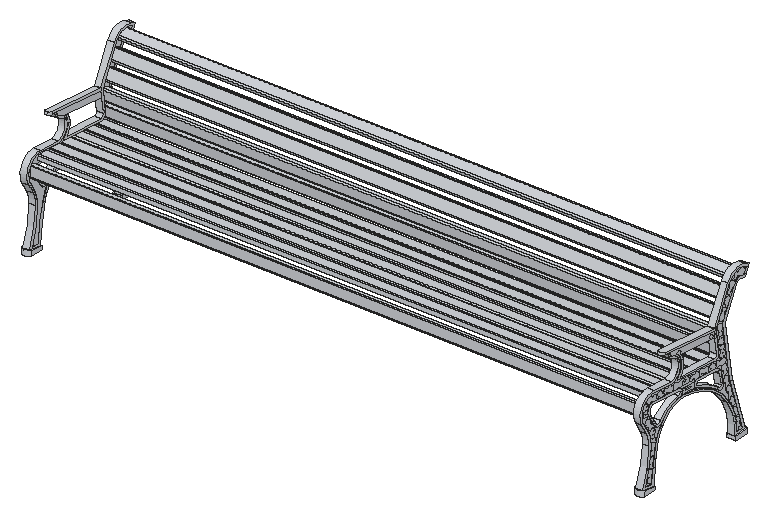
Revit family "Скамейка алюминиевая «Ретро стиль» с подогревом", category Мебель, Revit 2017 (continued)
Definition of nested family "Опора"
  Forms (mm)
    Extrusion 7, solid, material <- "Материал"
      sketch origin (0, 0, 0) x (0, 1, 0) y (0, 0, 1)
        loop
          spline (138.512, 133.302) -> (139.062, 133.212) -> (139.584, 132.901) -> (140.01, 132.409) -> (140.286, 131.797) -> (140.379, 131.144) -> (140.275, 130.532) -> (139.989, 130.039) -> (139.556, 129.727) -> (139.031, 129.636) -> (138.481, 129.778) -> (137.976, 130.134) -> (137.579, 130.659)
          spline (137.579, 130.659) -> (137.106, 131.72) -> (136.816, 132.838) -> (136.722, 133.965) -> (136.827, 135.051) -> (137.128, 136.048) -> (137.611, 136.912) -> (138.255, 137.606) -> (139.031, 138.097) -> (139.905, 138.366) -> (140.838, 138.399) -> (141.79, 138.196) -> (142.719, 137.765)
          spline (142.719, 137.765) -> (142.624, 137.092) -> (142.623, 136.392) -> (142.716, 135.681) -> (142.901, 134.978) -> (143.172, 134.3) -> (143.524, 133.663) -> (143.948, 133.084) -> (144.432, 132.576) -> (144.966, 132.153) -> (145.536, 131.824) -> (146.127, 131.598) -> (146.726, 131.48)
          spline (146.726, 131.48) -> (147.045, 131.433) -> (147.363, 131.359) -> (147.68, 131.257) -> (147.994, 131.13) -> (148.303, 130.976) -> (148.605, 130.798) -> (148.899, 130.596) -> (149.183, 130.371) -> (149.456, 130.124) -> (149.716, 129.857) -> (149.962, 129.571) -> (150.192, 129.268)
          spline (150.192, 129.268) -> (150.319, 129.053) -> (150.409, 128.819) -> (150.457, 128.576) -> (150.463, 128.334) -> (150.424, 128.106) -> (150.344, 127.9) -> (150.226, 127.727) -> (150.075, 127.594) -> (149.898, 127.507) -> (149.702, 127.471) -> (149.498, 127.486) -> (149.294, 127.552)
          spline (149.294, 127.552) -> (148.669, 127.767) -> (148.041, 127.85) -> (147.429, 127.799) -> (146.854, 127.615) -> (146.334, 127.305) -> (145.885, 126.878) -> (145.523, 126.348) -> (145.258, 125.732) -> (145.1, 125.051) -> (145.054, 124.326) -> (145.121, 123.581) -> (145.299, 122.84)
          line (145.299, 122.84) -> (145.865, 122.275)
          arc (145.865, 122.275) -> (146.061, 122.713) -> (146.27, 123.146) r 15.898
          spline (146.27, 123.146) -> (146.448, 123.297) -> (146.645, 123.414) -> (146.859, 123.497) -> (147.085, 123.543) -> (147.319, 123.551) -> (147.558, 123.521) -> (147.796, 123.454) -> (148.03, 123.351) -> (148.255, 123.214) -> (148.468, 123.045) -> (148.664, 122.847) -> (148.841, 122.624)
          spline (148.841, 122.624) -> (149.126, 122.115) -> (149.302, 121.558) -> (149.358, 120.989) -> (149.289, 120.446) -> (149.1, 119.967) -> (148.804, 119.584) -> (148.42, 119.322) -> (147.975, 119.198) -> (147.499, 119.222) -> (147.023, 119.392) -> (146.579, 119.696) -> (146.198, 120.113)
          spline (146.198, 120.113) -> (145.592, 120.756) -> (144.881, 121.188) -> (144.129, 121.37) -> (143.401, 121.287) -> (142.763, 120.946) -> (142.271, 120.377) -> (141.968, 119.631) -> (141.881, 118.773) -> (142.019, 117.88) -> (142.368, 117.03) -> (142.898, 116.299) -> (143.562, 115.752)
          spline (143.562, 115.752) -> (143.571, 116.036) -> (143.647, 116.292) -> (143.784, 116.501) -> (143.97, 116.648) -> (144.193, 116.72) -> (144.435, 116.713) -> (144.676, 116.626) -> (144.9, 116.467) -> (145.088, 116.247) -> (145.225, 115.984) -> (145.302, 115.698) -> (145.313, 115.411)
          spline (145.313, 115.411) -> (144.831, 113.583) -> (144.485, 111.689) -> (144.277, 109.742) -> (144.208, 107.753) -> (144.279, 105.737) -> (144.489, 103.706) -> (144.838, 101.675) -> (145.322, 99.657) -> (145.938, 97.665) -> (146.683, 95.712) -> (147.551, 93.813) -> (148.537, 91.978)
          line (148.537, 91.978) -> (149.254, 92.394)
          arc (149.254, 92.394) -> (148.862, 93.603) -> (148.581, 94.844) r 13.941
          spline (148.581, 94.844) -> (148.494, 95.619) -> (148.428, 96.394) -> (148.383, 97.166) -> (148.359, 97.936) -> (148.357, 98.702) -> (148.376, 99.463) -> (148.416, 100.219) -> (148.477, 100.968) -> (148.56, 101.711) -> (148.664, 102.446) -> (148.789, 103.173) -> (148.935, 103.89)
          spline (148.935, 103.89) -> (149.029, 104.119) -> (149.173, 104.303) -> (149.357, 104.431) -> (149.571, 104.494) -> (149.8, 104.489) -> (150.031, 104.415) -> (150.248, 104.278) -> (150.439, 104.086) -> (150.59, 103.851) -> (150.694, 103.588) -> (150.743, 103.313) -> (150.734, 103.044)
          spline (150.734, 103.044) -> (151.437, 103.369) -> (152.014, 103.916) -> (152.424, 104.649) -> (152.641, 105.516) -> (152.649, 106.459) -> (152.447, 107.414) -> (152.05, 108.316) -> (151.485, 109.103) -> (150.789, 109.721) -> (150.011, 110.129) -> (149.203, 110.298) -> (148.421, 110.218)
          spline (148.421, 110.218) -> (148.713, 110.773) -> (149.072, 111.263) -> (149.493, 111.681) -> (149.966, 112.018) -> (150.485, 112.269) -> (151.039, 112.428) -> (151.619, 112.494) -> (152.214, 112.464) -> (152.814, 112.341) -> (153.408, 112.124) -> (153.985, 111.82) -> (154.536, 111.432)
          spline (154.536, 111.432) -> (154.138, 111.201) -> (153.785, 110.892) -> (153.487, 110.513) -> (153.249, 110.074) -> (153.078, 109.584) -> (152.979, 109.056) -> (152.952, 108.502) -> (153, 107.935) -> (153.12, 107.369) -> (153.31, 106.817) -> (153.566, 106.293) -> (153.88, 105.808)
          spline (153.88, 105.808) -> (154.666, 105.573) -> (155.447, 105.545) -> (156.184, 105.724) -> (156.842, 106.103) -> (157.387, 106.661) -> (157.792, 107.372) -> (158.037, 108.2) -> (158.11, 109.104) -> (158.007, 110.038) -> (157.733, 110.958) -> (157.303, 111.815) -> (156.737, 112.569)
          spline (156.737, 112.569) -> (156.262, 113.119) -> (155.745, 113.609) -> (155.193, 114.033) -> (154.613, 114.385) -> (154.014, 114.662) -> (153.404, 114.858) -> (152.79, 114.971) -> (152.18, 115.001) -> (151.585, 114.945) -> (151.01, 114.806) -> (150.464, 114.585) -> (149.955, 114.284)
          spline (149.955, 114.284) -> (150.277, 115.341) -> (150.574, 116.412) -> (150.845, 117.496) -> (151.091, 118.594) -> (151.311, 119.704) -> (151.505, 120.825) -> (151.673, 121.957) -> (151.815, 123.099) -> (151.931, 124.25) -> (152.02, 125.409) -> (152.083, 126.576) -> (152.12, 127.75)
          spline (152.12, 127.75) -> (152.091, 128.912) -> (151.96, 130.084) -> (151.728, 131.254) -> (151.397, 132.409) -> (150.971, 133.537) -> (150.454, 134.625) -> (149.852, 135.662) -> (149.172, 136.636) -> (148.422, 137.538) -> (147.608, 138.356) -> (146.74, 139.082) -> (145.828, 139.708)
          spline (145.828, 139.708) -> (144.552, 140.382) -> (143.239, 140.857) -> (141.913, 141.122) -> (140.6, 141.174) -> (139.323, 141.01) -> (138.106, 140.636) -> (136.972, 140.056) -> (135.943, 139.283) -> (135.037, 138.33) -> (134.272, 137.215) -> (133.661, 135.96) -> (133.216, 134.587)
        loop
          spline (160.194, 86.797) -> (159.925, 86.096) -> (159.754, 85.346) -> (159.685, 84.565) -> (159.721, 83.772) -> (159.859, 82.987) -> (160.097, 82.229) -> (160.43, 81.518) -> (160.847, 80.87) -> (161.34, 80.302) -> (161.897, 79.827) -> (162.502, 79.458) -> (163.142, 79.204)
          spline (163.142, 79.204) -> (163.486, 79.085) -> (163.824, 78.938) -> (164.153, 78.761) -> (164.472, 78.557) -> (164.78, 78.327) -> (165.074, 78.071) -> (165.353, 77.791) -> (165.616, 77.489) -> (165.86, 77.166) -> (166.086, 76.824) -> (166.291, 76.465) -> (166.474, 76.091)
          spline (166.474, 76.091) -> (166.564, 75.834) -> (166.607, 75.564) -> (166.602, 75.293) -> (166.55, 75.033) -> (166.451, 74.796) -> (166.312, 74.593) -> (166.138, 74.433) -> (165.937, 74.323) -> (165.718, 74.268) -> (165.491, 74.271) -> (165.267, 74.331) -> (165.054, 74.445)
          spline (165.054, 74.445) -> (164.41, 74.809) -> (163.729, 75.033) -> (163.033, 75.109) -> (162.346, 75.036) -> (161.69, 74.815) -> (161.085, 74.453) -> (160.552, 73.963) -> (160.108, 73.361) -> (159.766, 72.664) -> (159.539, 71.898) -> (159.432, 71.085) -> (159.451, 70.253)
          line (159.451, 70.253) -> (160.149, 69.555)
          arc (160.149, 69.555) -> (160.566, 70.185) -> (161.195, 70.602) r 1.893
          spline (161.195, 70.602) -> (161.404, 70.626) -> (161.615, 70.623) -> (161.826, 70.593) -> (162.034, 70.536) -> (162.238, 70.454) -> (162.435, 70.346) -> (162.623, 70.215) -> (162.799, 70.062) -> (162.962, 69.887) -> (163.11, 69.695) -> (163.24, 69.485) -> (163.352, 69.262)
          spline (163.352, 69.262) -> (163.547, 68.656) -> (163.609, 68.021) -> (163.533, 67.4) -> (163.324, 66.833) -> (162.997, 66.361) -> (162.573, 66.013) -> (162.081, 65.814) -> (161.554, 65.778) -> (161.028, 65.905) -> (160.538, 66.189) -> (160.117, 66.609) -> (159.793, 67.138)
          spline (159.793, 67.138) -> (159.272, 67.957) -> (158.583, 68.572) -> (157.788, 68.929) -> (156.955, 68.996) -> (156.16, 68.767) -> (155.472, 68.263) -> (154.953, 67.528) -> (154.648, 66.628) -> (154.585, 65.641) -> (154.768, 64.656) -> (155.183, 63.759) -> (155.791, 63.031)
          spline (155.791, 63.031) -> (155.87, 63.332) -> (156.017, 63.591) -> (156.22, 63.786) -> (156.464, 63.903) -> (156.73, 63.933) -> (156.998, 63.873) -> (157.247, 63.728) -> (157.458, 63.51) -> (157.614, 63.234) -> (157.704, 62.923) -> (157.721, 62.6) -> (157.663, 62.29)
          spline (157.663, 62.29) -> (156.681, 60.435) -> (155.835, 58.48) -> (155.13, 56.438) -> (154.57, 54.322) -> (154.16, 52.146) -> (153.902, 49.925) -> (153.797, 47.674) -> (153.848, 45.408) -> (154.052, 43.142) -> (154.41, 40.891) -> (154.918, 38.669) -> (155.573, 36.492)
          line (155.573, 36.492) -> (156.698, 36.873)
          arc (156.698, 36.873) -> (156.486, 38.856) -> (156.466, 40.85) r 20.636
          spline (156.466, 40.85) -> (156.575, 41.584) -> (156.702, 42.312) -> (156.846, 43.034) -> (157.007, 43.75) -> (157.186, 44.459) -> (157.382, 45.16) -> (157.595, 45.852) -> (157.825, 46.536) -> (158.072, 47.21) -> (158.335, 47.874) -> (158.614, 48.527) -> (158.909, 49.17)
          spline (158.909, 49.17) -> (159.069, 49.395) -> (159.275, 49.562) -> (159.512, 49.659) -> (159.765, 49.681) -> (160.02, 49.626) -> (160.26, 49.498) -> (160.469, 49.304) -> (160.635, 49.058) -> (160.748, 48.773) -> (160.8, 48.469) -> (160.787, 48.164) -> (160.712, 47.878)
          spline (160.712, 47.878) -> (161.576, 48.075) -> (162.353, 48.538) -> (162.989, 49.235) -> (163.441, 50.118) -> (163.679, 51.127) -> (163.686, 52.194) -> (163.462, 53.245) -> (163.021, 54.209) -> (162.395, 55.02) -> (161.625, 55.624) -> (160.764, 55.979) -> (159.871, 56.06)
          spline (159.871, 56.06) -> (160.332, 56.592) -> (160.853, 57.041) -> (161.423, 57.398) -> (162.034, 57.658) -> (162.673, 57.815) -> (163.331, 57.867) -> (163.994, 57.813) -> (164.651, 57.654) -> (165.291, 57.393) -> (165.902, 57.034) -> (166.473, 56.584) -> (166.994, 56.051)
          spline (166.994, 56.051) -> (166.493, 55.888) -> (166.024, 55.633) -> (165.598, 55.291) -> (165.227, 54.871) -> (164.917, 54.383) -> (164.678, 53.839) -> (164.514, 53.251) -> (164.429, 52.633) -> (164.426, 52.001) -> (164.504, 51.369) -> (164.662, 50.752) -> (164.896, 50.166)
          spline (164.896, 50.166) -> (165.716, 49.746) -> (166.581, 49.548) -> (167.447, 49.582) -> (168.273, 49.847) -> (169.017, 50.328) -> (169.642, 51.003) -> (170.117, 51.838) -> (170.417, 52.79) -> (170.53, 53.814) -> (170.447, 54.857) -> (170.175, 55.869) -> (169.726, 56.798)
          spline (169.726, 56.798) -> (169.329, 57.488) -> (168.871, 58.124) -> (168.358, 58.696) -> (167.796, 59.198) -> (167.195, 59.623) -> (166.561, 59.964) -> (165.903, 60.217) -> (165.23, 60.379) -> (164.551, 60.447) -> (163.876, 60.421) -> (163.213, 60.301) -> (162.572, 60.088)
          spline (162.572, 60.088) -> (163.187, 61.151) -> (163.779, 62.235) -> (164.345, 63.339) -> (164.886, 64.462) -> (165.401, 65.604) -> (165.89, 66.764) -> (166.352, 67.941) -> (166.788, 69.134) -> (167.197, 70.342) -> (167.578, 71.566) -> (167.932, 72.802) -> (168.258, 74.052)
          spline (168.258, 74.052) -> (168.508, 75.303) -> (168.646, 76.587) -> (168.671, 77.89) -> (168.582, 79.199) -> (168.38, 80.499) -> (168.067, 81.775) -> (167.647, 83.015) -> (167.125, 84.205) -> (166.505, 85.331) -> (165.796, 86.382) -> (165.003, 87.346) -> (164.137, 88.212)
          spline (164.137, 88.212) -> (162.876, 89.208) -> (161.526, 89.998) -> (160.11, 90.566) -> (158.656, 90.903) -> (157.191, 91.002) -> (155.741, 90.861) -> (154.335, 90.483) -> (152.998, 89.875) -> (151.756, 89.048) -> (150.631, 88.018) -> (149.644, 86.803) -> (148.814, 85.428)
          spline (148.814, 85.428) -> (148.326, 84.295) -> (147.983, 83.079) -> (147.792, 81.805) -> (147.757, 80.499) -> (147.879, 79.188) -> (148.156, 77.898) -> (148.582, 76.656) -> (149.147, 75.488) -> (149.841, 74.417) -> (150.649, 73.466) -> (151.554, 72.654) -> (152.539, 71.998)
          spline (152.539, 71.998) -> (153.329, 71.627) -> (154.146, 71.387) -> (154.976, 71.281) -> (155.803, 71.314) -> (156.61, 71.483) -> (157.382, 71.786) -> (158.104, 72.216) -> (158.764, 72.767) -> (159.347, 73.426) -> (159.843, 74.181) -> (160.242, 75.019) -> (160.537, 75.923)
          spline (160.537, 75.923) -> (160.706, 76.91) -> (160.714, 77.93) -> (160.561, 78.947) -> (160.252, 79.924) -> (159.798, 80.826) -> (159.215, 81.62) -> (158.525, 82.279) -> (157.753, 82.778) -> (156.925, 83.099) -> (156.073, 83.231) -> (155.225, 83.17) -> (154.414, 82.916)
          spline (154.414, 82.916) -> (155.007, 82.702) -> (155.513, 82.258) -> (155.869, 81.639) -> (156.03, 80.924) -> (155.974, 80.204) -> (155.71, 79.57) -> (155.27, 79.103) -> (154.711, 78.862) -> (154.103, 78.877) -> (153.524, 79.147) -> (153.046, 79.637) -> (152.731, 80.285)
          spline (152.731, 80.285) -> (152.46, 81.522) -> (152.408, 82.783) -> (152.576, 84.01) -> (152.958, 85.151) -> (153.536, 86.155) -> (154.285, 86.978) -> (155.172, 87.582) -> (156.157, 87.943) -> (157.198, 88.043) -> (158.249, 87.879) -> (159.262, 87.457) -> (160.194, 86.797)
        loop
          line (-7.63, 512.248) -> (-8.191, 505.843) -> (-3.36, 504.197)
          arc (-3.36, 504.197) -> (-2.02, 501.929) -> (-4.055, 500.257) r 2.024
          arc (-4.055, 500.257) -> (0.738, 501.208) -> (1.021, 506.086) r 3.992
          arc (1.021, 506.086) -> (7.32, 505.364) -> (13.394, 507.181) r 15.765
          arc (13.394, 507.181) -> (7.727, 510.026) -> (1.399, 510.409) r 15.765
          arc (1.399, 510.409) -> (1.967, 515.262) -> (-2.587, 517.03) r 3.992
          arc (-2.587, 517.03) -> (-0.873, 515.03) -> (-2.587, 513.03) r 2.024
          line (-2.587, 513.03) -> (-7.63, 512.248)
        loop
          line (-10.635, 361.062) -> (-10.761, 362.033)
          arc (-10.761, 362.033) -> (-18.157, 365.242) -> (-24.536, 370.173) r 32.5
          arc (-24.536, 370.173) -> (-24.502, 372.225) -> (-22.453, 372.321) r 1.499
          arc (-22.453, 372.321) -> (-26.613, 378.063) -> (-32.355, 373.903) r 5.014
          arc (-32.355, 373.903) -> (-33.409, 379.487) -> (-30.13, 384.127) r 7.282
          arc (-30.13, 384.127) -> (-28.243, 380.048) -> (-23.847, 379.11) r 5.025
          arc (-23.847, 379.11) -> (-23.358, 386.21) -> (-30.16, 388.306) r 5.728
          arc (-30.16, 388.306) -> (-34.875, 384.839) -> (-36.262, 379.154) r 8.563
          arc (-36.262, 379.154) -> (-43.096, 386.194) -> (-50.947, 392.078) r 62.537
          arc (-50.947, 392.078) -> (-60.107, 394.436) -> (-68.914, 390.987) r 15.376
          arc (-68.914, 390.987) -> (-74.646, 379.833) -> (-70.399, 368.034) r 15.725
          arc (-70.399, 368.034) -> (-61.73, 364.523) -> (-53.416, 368.806) r 11.211
          arc (-53.416, 368.806) -> (-51.659, 375.688) -> (-55.553, 381.629) r 8.808
          arc (-55.553, 381.629) -> (-62.677, 381.673) -> (-65.698, 375.22) r 6.606
          arc (-65.698, 375.22) -> (-61.352, 375.94) -> (-63.12, 371.906) r 2.505
          arc (-63.12, 371.906) -> (-70.523, 376.419) -> (-68.473, 384.842) r 7.347
          arc (-68.473, 384.842) -> (-63.121, 383.147) -> (-58.609, 386.488) r 6.173
          arc (-58.609, 386.488) -> (-56.673, 388.876) -> (-53.904, 390.212) r 7.045
          arc (-53.904, 390.212) -> (-52.19, 389.468) -> (-52.407, 387.612) r 1.567
          arc (-52.407, 387.612) -> (-53.651, 381.915) -> (-49.209, 378.137) r 5.667
          line (-49.209, 378.137) -> (-48.343, 378.636)
          arc (-48.343, 378.636) -> (-48.948, 381.452) -> (-46.829, 383.402) r 2.901
          arc (-46.829, 383.402) -> (-43.243, 381.175) -> (-45.434, 377.566) r 3
          arc (-45.434, 377.566) -> (-48.102, 371.746) -> (-41.838, 370.42) r 4.1
          arc (-41.838, 370.42) -> (-42.455, 372.441) -> (-40.383, 372.855) r 1.425
          arc (-40.383, 372.855) -> (-26.983, 363.24) -> (-10.635, 361.062) r 34
        loop
          arc (-82.175, 373.601) -> (-87.527, 375.297) -> (-92.039, 371.956) r 6.173
          arc (-92.039, 371.956) -> (-93.975, 369.568) -> (-96.743, 368.232) r 7.045
          arc (-96.743, 368.232) -> (-98.457, 368.975) -> (-98.24, 370.831) r 1.567
          arc (-98.24, 370.831) -> (-96.997, 376.528) -> (-101.438, 380.306) r 5.667
          line (-101.438, 380.306) -> (-102.305, 379.807)
          arc (-102.305, 379.807) -> (-101.7, 376.992) -> (-103.818, 375.042) r 2.901
          arc (-103.818, 375.042) -> (-107.405, 377.269) -> (-105.214, 380.877) r 3
          arc (-105.214, 380.877) -> (-102.545, 386.698) -> (-108.81, 388.024) r 4.1
          arc (-108.81, 388.024) -> (-108.193, 386.003) -> (-110.264, 385.588) r 1.425
          arc (-110.264, 385.588) -> (-123.664, 395.203) -> (-140.012, 397.381) r 34
          line (-140.012, 397.381) -> (-139.886, 396.41)
          arc (-139.886, 396.41) -> (-132.49, 393.201) -> (-126.112, 388.27) r 32.5
          arc (-126.112, 388.27) -> (-126.145, 386.219) -> (-128.195, 386.122) r 1.499
          arc (-128.195, 386.122) -> (-124.034, 380.38) -> (-118.293, 384.54) r 5.014
          arc (-118.293, 384.54) -> (-117.239, 378.957) -> (-120.518, 374.316) r 7.282
          arc (-120.518, 374.316) -> (-122.405, 378.395) -> (-126.8, 379.334) r 5.025
          arc (-126.8, 379.334) -> (-127.29, 372.233) -> (-120.488, 370.138) r 5.728
          arc (-120.488, 370.138) -> (-115.773, 373.604) -> (-114.386, 379.29) r 8.563
          arc (-114.386, 379.29) -> (-107.551, 372.25) -> (-99.7, 366.366) r 62.537
          arc (-99.7, 366.366) -> (-90.54, 364.007) -> (-81.733, 367.457) r 15.376
          arc (-81.733, 367.457) -> (-76.002, 378.61) -> (-80.249, 390.409) r 15.725
          arc (-80.249, 390.409) -> (-88.917, 393.92) -> (-97.232, 389.638) r 11.211
          arc (-97.232, 389.638) -> (-98.988, 382.755) -> (-95.095, 376.814) r 8.808
          arc (-95.095, 376.814) -> (-87.97, 376.771) -> (-84.95, 383.224) r 6.606
          arc (-84.95, 383.224) -> (-89.295, 382.503) -> (-87.527, 386.537) r 2.505
          arc (-87.527, 386.537) -> (-80.124, 382.025) -> (-82.175, 373.601) r 7.347
        loop
          line (-164.864, 398.026) -> (-164.614, 398.972)
          arc (-164.614, 398.972) -> (-181.107, 398.918) -> (-195.633, 391.109) r 34
          arc (-195.633, 391.109) -> (-197.634, 391.787) -> (-196.762, 393.711) r 1.425
          arc (-196.762, 393.711) -> (-203.145, 393.203) -> (-201.248, 387.088) r 4.1
          arc (-201.248, 387.088) -> (-199.541, 383.227) -> (-203.384, 381.48) r 3
          arc (-203.384, 381.48) -> (-205.234, 383.687) -> (-204.271, 386.401) r 2.901
          line (-204.271, 386.401) -> (-205.066, 387.008)
          arc (-205.066, 387.008) -> (-209.957, 383.833) -> (-209.458, 378.023) r 5.667
          arc (-209.458, 378.023) -> (-209.482, 376.155) -> (-211.277, 375.638) r 1.567
          arc (-211.277, 375.638) -> (-213.851, 377.32) -> (-215.463, 379.937) r 7.045
          arc (-215.463, 379.937) -> (-219.507, 383.831) -> (-225.033, 382.839) r 6.173
          arc (-225.033, 382.839) -> (-225.981, 391.457) -> (-218.059, 394.978) r 7.347
          arc (-218.059, 394.978) -> (-216.825, 390.75) -> (-221.042, 392.024) r 2.505
          arc (-221.042, 392.024) -> (-218.877, 385.236) -> (-211.806, 384.362) r 6.606
          arc (-211.806, 384.362) -> (-207.181, 389.752) -> (-208.036, 396.803) r 8.808
          arc (-208.036, 396.803) -> (-215.729, 402.121) -> (-224.778, 399.755) r 11.211
          arc (-224.778, 399.755) -> (-230.509, 388.602) -> (-226.262, 376.803) r 15.725
          arc (-226.262, 376.803) -> (-217.973, 372.248) -> (-208.585, 373.407) r 15.376
          arc (-208.585, 373.407) -> (-200.042, 378.231) -> (-192.358, 384.332) r 62.537
          arc (-192.358, 384.332) -> (-191.714, 378.515) -> (-187.485, 374.47) r 8.563
          arc (-187.485, 374.47) -> (-180.47, 375.672) -> (-180.041, 382.777) r 5.728
          arc (-180.041, 382.777) -> (-184.521, 382.412) -> (-186.917, 378.61) r 5.025
          arc (-186.917, 378.61) -> (-189.571, 383.634) -> (-187.807, 389.036) r 7.282
          arc (-187.807, 389.036) -> (-182.649, 384.17) -> (-177.783, 389.329) r 5.014
          arc (-177.783, 389.329) -> (-179.804, 389.689) -> (-179.572, 391.728) r 1.499
          arc (-179.572, 391.728) -> (-172.612, 395.796) -> (-164.864, 398.026) r 32.5
        loop
          spline (-239.318, 377.688) -> (-237.78, 379.172) -> (-236.455, 380.854) -> (-235.37, 382.703) -> (-234.544, 384.683) -> (-233.993, 386.759) -> (-233.728, 388.89) -> (-233.752, 391.038) -> (-234.066, 393.162) -> (-234.663, 395.222) -> (-235.533, 397.181) -> (-236.66, 399.002) -> (-238.021, 400.65)
          spline (-238.021, 400.65) -> (-239.176, 401.747) -> (-240.437, 402.716) -> (-241.792, 403.548) -> (-243.224, 404.232) -> (-244.72, 404.763) -> (-246.263, 405.133) -> (-247.835, 405.339) -> (-249.42, 405.378) -> (-251.001, 405.251) -> (-252.56, 404.959) -> (-254.081, 404.504) -> (-255.548, 403.892)
          spline (-255.548, 403.892) -> (-257.002, 403.169) -> (-258.438, 402.409) -> (-259.854, 401.61) -> (-261.248, 400.774) -> (-262.621, 399.902) -> (-263.97, 398.994) -> (-265.295, 398.05) -> (-266.596, 397.072) -> (-267.87, 396.06) -> (-269.118, 395.015) -> (-270.339, 393.937) -> (-271.531, 392.827)
          spline (-271.531, 392.827) -> (-271.362, 393.807) -> (-271.306, 394.8) -> (-271.365, 395.793) -> (-271.537, 396.772) -> (-271.821, 397.725) -> (-272.212, 398.637) -> (-272.705, 399.498) -> (-273.294, 400.294) -> (-273.971, 401.017) -> (-274.726, 401.655) -> (-275.549, 402.2) -> (-276.43, 402.645)
          spline (-276.43, 402.645) -> (-277.604, 403.119) -> (-278.852, 403.318) -> (-280.114, 403.233) -> (-281.326, 402.868) -> (-282.428, 402.24) -> (-283.366, 401.382) -> (-284.092, 400.335) -> (-284.57, 399.152) -> (-284.777, 397.892) -> (-284.702, 396.617) -> (-284.35, 395.391) -> (-283.737, 394.274)
          spline (-283.737, 394.274) -> (-283.003, 394.048) -> (-282.242, 393.938) -> (-281.474, 393.948) -> (-280.717, 394.077) -> (-279.988, 394.322) -> (-279.305, 394.678) -> (-278.684, 395.135) -> (-278.14, 395.684) -> (-277.686, 396.31) -> (-277.333, 397) -> (-277.09, 397.736) -> (-276.961, 398.501)
          spline (-276.961, 398.501) -> (-276.252, 397.844) -> (-275.636, 397.097) -> (-275.125, 396.274) -> (-274.726, 395.39) -> (-274.448, 394.46) -> (-274.295, 393.5) -> (-274.27, 392.528) -> (-274.374, 391.562) -> (-274.604, 390.617) -> (-274.956, 389.712) -> (-275.425, 388.863) -> (-276.001, 388.084)
          spline (-276.001, 388.084) -> (-276.218, 389.374) -> (-276.757, 390.563) -> (-277.583, 391.57) -> (-278.64, 392.327) -> (-279.855, 392.782) -> (-281.145, 392.903) -> (-282.422, 392.683) -> (-283.601, 392.137) -> (-284.599, 391.301) -> (-285.349, 390.233) -> (-285.801, 389.006) -> (-285.923, 387.703)
          spline (-285.923, 387.703) -> (-285.589, 387.87) -> (-285.225, 387.948) -> (-284.854, 387.932) -> (-284.498, 387.824) -> (-284.18, 387.629) -> (-283.92, 387.361) -> (-283.734, 387.036) -> (-283.635, 386.674) -> (-283.627, 386.298) -> (-283.712, 385.932) -> (-283.885, 385.599) -> (-284.134, 385.32)
          spline (-284.134, 385.32) -> (-285.203, 384.514) -> (-286.305, 383.754) -> (-287.437, 383.04) -> (-288.597, 382.375) -> (-289.783, 381.758) -> (-290.994, 381.191) -> (-292.227, 380.676) -> (-293.48, 380.213) -> (-294.751, 379.802) -> (-296.037, 379.445) -> (-297.337, 379.142) -> (-298.648, 378.894)
          line (-298.648, 378.894) -> (-298.888, 377.946)
          spline (-298.888, 377.946) -> (-296.191, 377.416) -> (-293.46, 377.11) -> (-290.713, 377.03) -> (-287.969, 377.177) -> (-285.245, 377.549) -> (-282.56, 378.144) -> (-279.932, 378.958) -> (-277.379, 379.987) -> (-274.916, 381.222) -> (-272.562, 382.655) -> (-270.33, 384.278) -> (-268.237, 386.079)
          spline (-268.237, 386.079) -> (-267.873, 386.225) -> (-267.484, 386.264) -> (-267.099, 386.194) -> (-266.748, 386.019) -> (-266.458, 385.754) -> (-266.251, 385.418) -> (-266.144, 385.038) -> (-266.144, 384.643) -> (-266.252, 384.263) -> (-266.459, 383.927) -> (-266.749, 383.661) -> (-267.1, 383.486)
          spline (-267.1, 383.486) -> (-266.146, 382.74) -> (-265.015, 382.31) -> (-263.81, 382.236) -> (-262.635, 382.523) -> (-261.596, 383.146) -> (-260.785, 384.05) -> (-260.272, 385.155) -> (-260.104, 386.364) -> (-260.295, 387.568) -> (-260.829, 388.662) -> (-261.658, 389.548) -> (-262.708, 390.149)
          spline (-262.708, 390.149) -> (-263.386, 390.519) -> (-263.946, 391.052) -> (-264.351, 391.713) -> (-264.575, 392.458) -> (-264.601, 393.235) -> (-264.428, 393.994) -> (-264.068, 394.682) -> (-263.545, 395.254) -> (-262.894, 395.671) -> (-262.159, 395.905) -> (-261.389, 395.94) -> (-260.636, 395.774)
          spline (-260.636, 395.774) -> (-260.186, 395.564) -> (-259.777, 395.279) -> (-259.424, 394.927) -> (-259.136, 394.519) -> (-258.922, 394.066) -> (-258.788, 393.584) -> (-258.739, 393.085) -> (-258.775, 392.584) -> (-258.897, 392.098) -> (-259.099, 391.64) -> (-259.377, 391.223) -> (-259.721, 390.862)
          line (-259.721, 390.862) -> (-258.929, 390.262)
          spline (-258.929, 390.262) -> (-257.929, 390.398) -> (-256.969, 390.713) -> (-256.08, 391.197) -> (-255.291, 391.834) -> (-254.627, 392.603) -> (-254.111, 393.479) -> (-253.758, 394.434) -> (-253.581, 395.438) -> (-253.584, 396.457) -> (-253.768, 397.459) -> (-254.127, 398.412) -> (-254.649, 399.284)
          spline (-254.649, 399.284) -> (-254.815, 399.571) -> (-254.917, 399.888) -> (-254.95, 400.219) -> (-254.914, 400.55) -> (-254.808, 400.866) -> (-254.64, 401.152) -> (-254.415, 401.396) -> (-254.144, 401.586) -> (-253.839, 401.714) -> (-253.515, 401.775) -> (-253.185, 401.765) -> (-252.866, 401.684)
          spline (-252.866, 401.684) -> (-252.392, 401.49) -> (-251.934, 401.26) -> (-251.495, 400.998) -> (-251.075, 400.703) -> (-250.678, 400.379) -> (-250.305, 400.025) -> (-249.959, 399.645) -> (-249.642, 399.241) -> (-249.355, 398.814) -> (-249.099, 398.367) -> (-248.877, 397.902) -> (-248.689, 397.422)
          spline (-248.689, 397.422) -> (-248.299, 396.536) -> (-247.776, 395.723) -> (-247.133, 395.003) -> (-246.386, 394.393) -> (-245.554, 393.91) -> (-244.656, 393.564) -> (-243.716, 393.364) -> (-242.757, 393.316) -> (-241.802, 393.421) -> (-240.874, 393.675) -> (-239.997, 394.073) -> (-239.193, 394.604)
          spline (-239.193, 394.604) -> (-238.277, 393.371) -> (-237.637, 391.971) -> (-237.3, 390.467) -> (-237.281, 388.924) -> (-237.582, 387.412) -> (-238.189, 385.996) -> (-239.075, 384.738) -> (-240.202, 383.695) -> (-241.519, 382.912) -> (-242.968, 382.424) -> (-244.486, 382.253) -> (-246.006, 382.405)
          spline (-246.006, 382.405) -> (-246.825, 382.739) -> (-247.476, 383.341) -> (-247.876, 384.136) -> (-247.976, 385.022) -> (-247.761, 385.888) -> (-247.26, 386.623) -> (-246.535, 387.134) -> (-245.68, 387.357) -> (-244.801, 387.262) -> (-244.012, 386.863) -> (-243.411, 386.21) -> (-243.075, 385.385)
          spline (-243.075, 385.385) -> (-242.88, 386.622) -> (-242.919, 387.873) -> (-243.191, 389.095) -> (-243.686, 390.242) -> (-244.388, 391.274) -> (-245.269, 392.154) -> (-246.299, 392.849) -> (-247.441, 393.336) -> (-248.654, 393.596) -> (-249.893, 393.62) -> (-251.115, 393.408) -> (-252.276, 392.966)
          spline (-252.276, 392.966) -> (-253.32, 392.357) -> (-254.271, 391.608) -> (-255.111, 390.733) -> (-255.824, 389.751) -> (-256.395, 388.678) -> (-256.815, 387.537) -> (-257.076, 386.347) -> (-257.171, 385.134) -> (-257.1, 383.919) -> (-256.863, 382.725) -> (-256.466, 381.576) -> (-255.915, 380.494)
          spline (-255.915, 380.494) -> (-254.998, 379.183) -> (-253.904, 378.018) -> (-252.656, 377.023) -> (-251.28, 376.219) -> (-249.804, 375.621) -> (-248.259, 375.243) -> (-246.675, 375.092) -> (-245.087, 375.172) -> (-243.525, 375.479) -> (-242.023, 376.009) -> (-240.611, 376.75) -> (-239.318, 377.688)
        loop
          spline (-326.339, 380.248) -> (-327.613, 380.642) -> (-328.871, 381.089) -> (-330.109, 381.589) -> (-331.325, 382.14) -> (-332.518, 382.741) -> (-333.685, 383.392) -> (-334.824, 384.091) -> (-335.934, 384.838) -> (-337.011, 385.63) -> (-338.056, 386.466) -> (-339.065, 387.346) -> (-340.037, 388.267)
          spline (-340.037, 388.267) -> (-340.253, 388.573) -> (-340.387, 388.923) -> (-340.43, 389.296) -> (-340.381, 389.668) -> (-340.241, 390.016) -> (-340.02, 390.319) -> (-339.731, 390.556) -> (-339.393, 390.714) -> (-339.027, 390.781) -> (-338.656, 390.755) -> (-338.304, 390.637) -> (-337.991, 390.433)
          spline (-337.991, 390.433) -> (-337.965, 391.742) -> (-338.276, 393.012) -> (-338.901, 394.158) -> (-339.799, 395.1) -> (-340.908, 395.776) -> (-342.153, 396.138) -> (-343.449, 396.163) -> (-344.707, 395.848) -> (-345.842, 395.215) -> (-346.776, 394.307) -> (-347.446, 393.186) -> (-347.807, 391.928)
          spline (-347.807, 391.928) -> (-348.292, 392.768) -> (-348.662, 393.665) -> (-348.91, 394.604) -> (-349.032, 395.568) -> (-349.026, 396.54) -> (-348.892, 397.502) -> (-348.632, 398.439) -> (-348.251, 399.332) -> (-347.755, 400.166) -> (-347.154, 400.926) -> (-346.458, 401.598) -> (-345.68, 402.171)
          spline (-345.68, 402.171) -> (-345.638, 401.397) -> (-345.479, 400.638) -> (-345.206, 399.913) -> (-344.826, 399.24) -> (-344.347, 398.633) -> (-343.782, 398.109) -> (-343.143, 397.678) -> (-342.446, 397.353) -> (-341.708, 397.139) -> (-340.946, 397.043) -> (-340.178, 397.066) -> (-339.423, 397.209)
          spline (-339.423, 397.209) -> (-338.688, 398.249) -> (-338.2, 399.428) -> (-337.982, 400.686) -> (-338.046, 401.962) -> (-338.388, 403.191) -> (-338.992, 404.313) -> (-339.826, 405.271) -> (-340.851, 406.019) -> (-342.014, 406.519) -> (-343.258, 406.745) -> (-344.522, 406.688) -> (-345.741, 406.349)
          spline (-345.741, 406.349) -> (-346.666, 406.006) -> (-347.546, 405.557) -> (-348.368, 405.008) -> (-349.121, 404.366) -> (-349.796, 403.641) -> (-350.384, 402.842) -> (-350.875, 401.979) -> (-351.264, 401.065) -> (-351.546, 400.111) -> (-351.716, 399.131) -> (-351.772, 398.138) -> (-351.714, 397.145)
          spline (-351.714, 397.145) -> (-352.774, 398.382) -> (-353.865, 399.59) -> (-354.988, 400.77) -> (-356.14, 401.919) -> (-357.322, 403.037) -> (-358.533, 404.124) -> (-359.772, 405.178) -> (-361.037, 406.2) -> (-362.329, 407.187) -> (-363.645, 408.14) -> (-364.986, 409.057) -> (-366.35, 409.939)
          spline (-366.35, 409.939) -> (-367.738, 410.712) -> (-369.198, 411.336) -> (-370.715, 411.802) -> (-372.272, 412.106) -> (-373.851, 412.245) -> (-375.437, 412.217) -> (-377.011, 412.023) -> (-378.557, 411.665) -> (-380.058, 411.146) -> (-381.497, 410.472) -> (-382.859, 409.651) -> (-384.13, 408.691)
          spline (-384.13, 408.691) -> (-385.669, 407.207) -> (-386.993, 405.525) -> (-388.078, 403.676) -> (-388.904, 401.696) -> (-389.455, 399.621) -> (-389.721, 397.489) -> (-389.697, 395.341) -> (-389.383, 393.217) -> (-388.785, 391.157) -> (-387.915, 389.198) -> (-386.789, 387.377) -> (-385.427, 385.729)
          spline (-385.427, 385.729) -> (-384.248, 384.652) -> (-382.928, 383.756) -> (-381.495, 383.061) -> (-379.978, 382.579) -> (-378.409, 382.322) -> (-376.819, 382.293) -> (-375.24, 382.495) -> (-373.707, 382.922) -> (-372.249, 383.567) -> (-370.897, 384.415) -> (-369.679, 385.449) -> (-368.619, 386.648)
          spline (-368.619, 386.648) -> (-367.951, 387.662) -> (-367.426, 388.759) -> (-367.057, 389.918) -> (-366.849, 391.117) -> (-366.807, 392.334) -> (-366.932, 393.545) -> (-367.221, 394.727) -> (-367.668, 395.857) -> (-368.266, 396.913) -> (-369.002, 397.877) -> (-369.862, 398.728) -> (-370.831, 399.451)
          spline (-370.831, 399.451) -> (-371.935, 400.021) -> (-373.125, 400.369) -> (-374.36, 400.485) -> (-375.594, 400.363) -> (-376.783, 400.008) -> (-377.885, 399.433) -> (-378.86, 398.658) -> (-379.673, 397.712) -> (-380.294, 396.627) -> (-380.702, 395.444) -> (-380.882, 394.205) -> (-380.827, 392.954)
          spline (-380.827, 392.954) -> (-380.4, 393.736) -> (-379.73, 394.318) -> (-378.901, 394.625) -> (-378.017, 394.62) -> (-377.192, 394.302) -> (-376.53, 393.713) -> (-376.115, 392.926) -> (-375.999, 392.042) -> (-376.197, 391.172) -> (-376.684, 390.428) -> (-377.399, 389.902) -> (-378.25, 389.663)
          spline (-378.25, 389.663) -> (-379.777, 389.683) -> (-381.267, 390.024) -> (-382.652, 390.672) -> (-383.872, 391.598) -> (-384.874, 392.762) -> (-385.613, 394.111) -> (-386.057, 395.586) -> (-386.186, 397.123) -> (-385.994, 398.654) -> (-385.49, 400.111) -> (-384.696, 401.429) -> (-383.647, 402.552)
          spline (-383.647, 402.552) -> (-382.907, 401.933) -> (-382.081, 401.439) -> (-381.188, 401.082) -> (-380.251, 400.871) -> (-379.292, 400.811) -> (-378.335, 400.903) -> (-377.405, 401.146) -> (-376.523, 401.532) -> (-375.713, 402.054) -> (-374.993, 402.697) -> (-374.381, 403.446) -> (-373.894, 404.283)
          spline (-373.894, 404.283) -> (-373.653, 404.739) -> (-373.38, 405.175) -> (-373.075, 405.591) -> (-372.742, 405.983) -> (-372.381, 406.349) -> (-371.995, 406.687) -> (-371.585, 406.996) -> (-371.154, 407.274) -> (-370.704, 407.52) -> (-370.237, 407.731) -> (-369.756, 407.907) -> (-369.264, 408.047)
          spline (-369.264, 408.047) -> (-368.937, 408.091) -> (-368.608, 408.064) -> (-368.293, 407.968) -> (-368.005, 407.806) -> (-367.757, 407.586) -> (-367.561, 407.319) -> (-367.426, 407.015) -> (-367.357, 406.69) -> (-367.357, 406.357) -> (-367.428, 406.031) -> (-367.565, 405.728) -> (-367.762, 405.461)
          spline (-367.762, 405.461) -> (-368.379, 404.654) -> (-368.843, 403.748) -> (-369.139, 402.773) -> (-369.257, 401.761) -> (-369.193, 400.743) -> (-368.95, 399.754) -> (-368.536, 398.825) -> (-367.963, 397.986) -> (-367.251, 397.265) -> (-366.422, 396.684) -> (-365.503, 396.263) -> (-364.525, 396.015)
          line (-364.525, 396.015) -> (-363.671, 396.522)
          spline (-363.671, 396.522) -> (-363.972, 396.92) -> (-364.201, 397.365) -> (-364.35, 397.843) -> (-364.416, 398.34) -> (-364.396, 398.841) -> (-364.291, 399.331) -> (-364.104, 399.796) -> (-363.84, 400.222) -> (-363.508, 400.595) -> (-363.117, 400.905) -> (-362.679, 401.142) -> (-362.208, 401.3)
          spline (-362.208, 401.3) -> (-361.441, 401.38) -> (-360.681, 401.258) -> (-359.977, 400.943) -> (-359.377, 400.456) -> (-358.921, 399.829) -> (-358.641, 399.104) -> (-358.554, 398.331) -> (-358.668, 397.561) -> (-358.974, 396.847) -> (-359.451, 396.235) -> (-360.068, 395.768) -> (-360.782, 395.477)
          spline (-360.782, 395.477) -> (-361.894, 394.999) -> (-362.818, 394.211) -> (-363.471, 393.185) -> (-363.797, 392.009) -> (-363.766, 390.79) -> (-363.381, 389.634) -> (-362.676, 388.644) -> (-361.713, 387.908) -> (-360.579, 387.49) -> (-359.373, 387.429) -> (-358.201, 387.728) -> (-357.169, 388.363)
          spline (-357.169, 388.363) -> (-357.498, 388.576) -> (-357.757, 388.873) -> (-357.924, 389.23) -> (-357.989, 389.62) -> (-357.944, 390.012) -> (-357.795, 390.378) -> (-357.552, 390.688) -> (-357.234, 390.919) -> (-356.865, 391.053) -> (-356.475, 391.079) -> (-356.092, 390.997) -> (-355.747, 390.811)
          spline (-355.747, 390.811) -> (-353.87, 388.786) -> (-351.835, 386.922) -> (-349.657, 385.232) -> (-347.35, 383.728) -> (-344.928, 382.419) -> (-342.408, 381.314) -> (-339.808, 380.42) -> (-337.143, 379.743) -> (-334.433, 379.289) -> (-331.694, 379.059) -> (-328.946, 379.055) -> (-326.207, 379.278)
          line (-326.207, 379.278) -> (-326.339, 380.248)
        loop
          spline (-388.211, 380.222) -> (-389.862, 381.58) -> (-391.685, 382.702) -> (-393.646, 383.567) -> (-395.709, 384.16) -> (-397.833, 384.469) -> (-399.981, 384.488) -> (-402.112, 384.217) -> (-404.186, 383.661) -> (-406.164, 382.831) -> (-408.01, 381.741) -> (-409.689, 380.413) -> (-411.17, 378.871)
          spline (-411.17, 378.871) -> (-412.127, 377.598) -> (-412.945, 376.233) -> (-413.615, 374.792) -> (-414.13, 373.29) -> (-414.485, 371.744) -> (-414.676, 370.169) -> (-414.7, 368.583) -> (-414.557, 367.004) -> (-414.249, 365.448) -> (-413.779, 363.933) -> (-413.152, 362.474) -> (-412.376, 361.088)
          spline (-412.376, 361.088) -> (-411.491, 359.726) -> (-410.57, 358.387) -> (-409.614, 357.073) -> (-408.624, 355.784) -> (-407.6, 354.521) -> (-406.542, 353.285) -> (-405.453, 352.076) -> (-404.332, 350.897) -> (-403.18, 349.747) -> (-401.998, 348.627) -> (-400.786, 347.539) -> (-399.547, 346.482)
          spline (-399.547, 346.482) -> (-400.54, 346.538) -> (-401.533, 346.479) -> (-402.513, 346.306) -> (-403.466, 346.023) -> (-404.379, 345.631) -> (-405.241, 345.138) -> (-406.039, 344.549) -> (-406.763, 343.872) -> (-407.402, 343.117) -> (-407.949, 342.294) -> (-408.396, 341.413) -> (-408.737, 340.488)
          spline (-408.737, 340.488) -> (-409.073, 339.267) -> (-409.127, 338.004) -> (-408.898, 336.76) -> (-408.395, 335.598) -> (-407.645, 334.575) -> (-406.685, 333.743) -> (-405.562, 333.142) -> (-404.332, 332.803) -> (-403.056, 332.742) -> (-401.798, 332.963) -> (-400.621, 333.454) -> (-399.582, 334.191)
          spline (-399.582, 334.191) -> (-399.441, 334.946) -> (-399.42, 335.714) -> (-399.518, 336.476) -> (-399.733, 337.214) -> (-400.06, 337.91) -> (-400.492, 338.547) -> (-401.018, 339.112) -> (-401.625, 339.589) -> (-402.3, 339.967) -> (-403.025, 340.239) -> (-403.785, 340.396) -> (-404.559, 340.436)
          spline (-404.559, 340.436) -> (-403.988, 341.216) -> (-403.317, 341.913) -> (-402.559, 342.516) -> (-401.726, 343.013) -> (-400.834, 343.397) -> (-399.898, 343.659) -> (-398.936, 343.795) -> (-397.963, 343.804) -> (-396.999, 343.684) -> (-396.06, 343.438) -> (-395.162, 343.07) -> (-394.321, 342.587)
          spline (-394.321, 342.587) -> (-395.578, 342.224) -> (-396.698, 341.551) -> (-397.603, 340.614) -> (-398.234, 339.478) -> (-398.546, 338.219) -> (-398.518, 336.923) -> (-398.153, 335.68) -> (-397.474, 334.572) -> (-396.53, 333.676) -> (-395.383, 333.054) -> (-394.112, 332.746) -> (-392.803, 332.775)
          spline (-392.803, 332.775) -> (-393.007, 333.087) -> (-393.127, 333.439) -> (-393.154, 333.81) -> (-393.087, 334.176) -> (-392.93, 334.515) -> (-392.693, 334.804) -> (-392.391, 335.026) -> (-392.044, 335.166) -> (-391.671, 335.217) -> (-391.298, 335.174) -> (-390.948, 335.041) -> (-390.642, 334.826)
          spline (-390.642, 334.826) -> (-389.718, 333.856) -> (-388.836, 332.849) -> (-387.997, 331.807) -> (-387.203, 330.731) -> (-386.454, 329.623) -> (-385.752, 328.485) -> (-385.098, 327.32) -> (-384.494, 326.129) -> (-383.94, 324.914) -> (-383.438, 323.677) -> (-382.987, 322.42) -> (-382.59, 321.146)
          line (-382.59, 321.146) -> (-381.62, 321.017)
          spline (-381.62, 321.017) -> (-381.404, 323.757) -> (-381.414, 326.505) -> (-381.65, 329.243) -> (-382.111, 331.952) -> (-382.794, 334.615) -> (-383.694, 337.214) -> (-384.805, 339.731) -> (-386.12, 342.149) -> (-387.63, 344.453) -> (-389.324, 346.628) -> (-391.193, 348.658) -> (-393.223, 350.53)
          spline (-393.223, 350.53) -> (-393.409, 350.874) -> (-393.493, 351.257) -> (-393.467, 351.648) -> (-393.334, 352.016) -> (-393.104, 352.335) -> (-392.795, 352.579) -> (-392.429, 352.729) -> (-392.037, 352.774) -> (-391.647, 352.711) -> (-391.289, 352.544) -> (-390.992, 352.286) -> (-390.778, 351.957)
          spline (-390.778, 351.957) -> (-390.146, 352.991) -> (-389.849, 354.163) -> (-389.913, 355.37) -> (-390.334, 356.503) -> (-391.072, 357.464) -> (-392.064, 358.166) -> (-393.22, 358.549) -> (-394.44, 358.577) -> (-395.615, 358.248) -> (-396.64, 357.593) -> (-397.425, 356.667) -> (-397.901, 355.554)
          spline (-397.901, 355.554) -> (-398.19, 354.839) -> (-398.656, 354.221) -> (-399.266, 353.742) -> (-399.98, 353.435) -> (-400.749, 353.32) -> (-401.523, 353.404) -> (-402.248, 353.683) -> (-402.876, 354.137) -> (-403.365, 354.735) -> (-403.682, 355.439) -> (-403.805, 356.199) -> (-403.727, 356.966)
          spline (-403.727, 356.966) -> (-403.57, 357.438) -> (-403.334, 357.876) -> (-403.025, 358.268) -> (-402.652, 358.601) -> (-402.228, 358.865) -> (-401.763, 359.054) -> (-401.273, 359.16) -> (-400.772, 359.181) -> (-400.275, 359.117) -> (-399.797, 358.968) -> (-399.351, 358.74) -> (-398.952, 358.44)
          line (-398.952, 358.44) -> (-398.448, 359.295)
          spline (-398.448, 359.295) -> (-398.698, 360.274) -> (-399.121, 361.191) -> (-399.704, 362.019) -> (-400.427, 362.729) -> (-401.267, 363.3) -> (-402.197, 363.712) -> (-403.187, 363.953) -> (-404.204, 364.014) -> (-405.216, 363.893) -> (-406.191, 363.595) -> (-407.095, 363.129) -> (-407.901, 362.51)
          spline (-407.901, 362.51) -> (-408.168, 362.312) -> (-408.471, 362.175) -> (-408.796, 362.103) -> (-409.129, 362.102) -> (-409.455, 362.17) -> (-409.759, 362.305) -> (-410.027, 362.5) -> (-410.247, 362.747) -> (-410.409, 363.035) -> (-410.506, 363.35) -> (-410.534, 363.679) -> (-410.491, 364.006)
          spline (-410.491, 364.006) -> (-410.352, 364.499) -> (-410.177, 364.98) -> (-409.967, 365.447) -> (-409.722, 365.898) -> (-409.446, 366.329) -> (-409.137, 366.74) -> (-408.8, 367.127) -> (-408.435, 367.489) -> (-408.044, 367.823) -> (-407.629, 368.128) -> (-407.193, 368.403) -> (-406.737, 368.644)
          spline (-406.737, 368.644) -> (-405.902, 369.134) -> (-405.154, 369.747) -> (-404.513, 370.469) -> (-403.993, 371.281) -> (-403.608, 372.163) -> (-403.368, 373.094) -> (-403.278, 374.051) -> (-403.34, 375.01) -> (-403.554, 375.946) -> (-403.913, 376.839) -> (-404.409, 377.664) -> (-405.029, 378.402)
          spline (-405.029, 378.402) -> (-403.91, 379.453) -> (-402.593, 380.25) -> (-401.137, 380.758) -> (-399.607, 380.954) -> (-398.07, 380.829) -> (-396.593, 380.388) -> (-395.242, 379.652) -> (-394.077, 378.653) -> (-393.148, 377.435) -> (-392.497, 376.051) -> (-392.152, 374.563) -> (-392.128, 373.036)
          spline (-392.128, 373.036) -> (-392.365, 372.184) -> (-392.889, 371.468) -> (-393.632, 370.979) -> (-394.501, 370.779) -> (-395.386, 370.893) -> (-396.174, 371.306) -> (-396.765, 371.967) -> (-397.084, 372.791) -> (-397.092, 373.674) -> (-396.786, 374.505) -> (-396.206, 375.176) -> (-395.425, 375.605)
          spline (-395.425, 375.605) -> (-396.676, 375.657) -> (-397.915, 375.474) -> (-399.097, 375.063) -> (-400.18, 374.439) -> (-401.124, 373.624) -> (-401.897, 372.648) -> (-402.469, 371.544) -> (-402.822, 370.354) -> (-402.941, 369.12) -> (-402.822, 367.885) -> (-402.471, 366.696) -> (-401.899, 365.594)
          spline (-401.899, 365.594) -> (-401.173, 364.626) -> (-400.32, 363.768) -> (-399.355, 363.034) -> (-398.297, 362.439) -> (-397.166, 361.994) -> (-395.983, 361.708) -> (-394.772, 361.587) -> (-393.555, 361.632) -> (-392.356, 361.842) -> (-391.198, 362.214) -> (-390.102, 362.741) -> (-389.09, 363.412)
          spline (-389.09, 363.412) -> (-387.893, 364.474) -> (-386.862, 365.695) -> (-386.017, 367.049) -> (-385.377, 368.508) -> (-384.953, 370.043) -> (-384.755, 371.622) -> (-384.787, 373.212) -> (-385.048, 374.781) -> (-385.533, 376.296) -> (-386.232, 377.728) -> (-387.131, 379.045) -> (-388.211, 380.222)
        loop
          spline (-400.368, 303.492) -> (-400.51, 301.906) -> (-400.487, 300.315) -> (-400.297, 298.737) -> (-399.943, 297.189) -> (-399.43, 295.688) -> (-398.762, 294.249) -> (-397.947, 292.889) -> (-396.993, 291.622) -> (-395.912, 290.462) -> (-394.714, 289.421) -> (-393.413, 288.512) -> (-392.022, 287.743)
          spline (-392.022, 287.743) -> (-390.552, 287.052) -> (-389.064, 286.399) -> (-387.559, 285.786) -> (-386.038, 285.212) -> (-384.502, 284.678) -> (-382.952, 284.185) -> (-381.39, 283.732) -> (-379.815, 283.321) -> (-378.23, 282.95) -> (-376.636, 282.622) -> (-375.032, 282.335) -> (-373.422, 282.09)
          spline (-373.422, 282.09) -> (-374.295, 281.614) -> (-375.108, 281.04) -> (-375.85, 280.378) -> (-376.511, 279.634) -> (-377.081, 278.82) -> (-377.553, 277.947) -> (-377.921, 277.026) -> (-378.179, 276.069) -> (-378.325, 275.091) -> (-378.356, 274.103) -> (-378.272, 273.119) -> (-378.074, 272.152)
          spline (-378.074, 272.152) -> (-377.716, 270.938) -> (-377.097, 269.835) -> (-376.246, 268.899) -> (-375.207, 268.177) -> (-374.031, 267.703) -> (-372.776, 267.501) -> (-371.504, 267.583) -> (-370.28, 267.942) -> (-369.164, 268.563) -> (-368.211, 269.413) -> (-367.469, 270.451) -> (-366.975, 271.625)
          spline (-366.975, 271.625) -> (-367.253, 272.341) -> (-367.64, 273.005) -> (-368.124, 273.601) -> (-368.696, 274.115) -> (-369.341, 274.534) -> (-370.044, 274.848) -> (-370.789, 275.05) -> (-371.556, 275.136) -> (-372.329, 275.102) -> (-373.089, 274.951) -> (-373.817, 274.685) -> (-374.496, 274.31)
          spline (-374.496, 274.31) -> (-374.422, 275.274) -> (-374.219, 276.22) -> (-373.892, 277.132) -> (-373.446, 277.994) -> (-372.89, 278.789) -> (-372.233, 279.505) -> (-371.487, 280.129) -> (-370.665, 280.648) -> (-369.782, 281.054) -> (-368.854, 281.34) -> (-367.897, 281.501) -> (-366.928, 281.533)
          spline (-366.928, 281.533) -> (-367.805, 280.562) -> (-368.402, 279.4) -> (-368.678, 278.127) -> (-368.615, 276.829) -> (-368.217, 275.595) -> (-367.511, 274.508) -> (-366.545, 273.643) -> (-365.385, 273.06) -> (-364.11, 272.796) -> (-362.807, 272.871) -> (-361.564, 273.28) -> (-360.468, 273.994)
          spline (-360.468, 273.994) -> (-360.805, 274.151) -> (-361.093, 274.388) -> (-361.311, 274.689) -> (-361.447, 275.036) -> (-361.492, 275.406) -> (-361.443, 275.776) -> (-361.304, 276.124) -> (-361.082, 276.426) -> (-360.793, 276.666) -> (-360.453, 276.826) -> (-360.085, 276.898) -> (-359.711, 276.876)
          spline (-359.711, 276.876) -> (-358.415, 276.538) -> (-357.135, 276.147) -> (-355.873, 275.703) -> (-354.63, 275.208) -> (-353.41, 274.661) -> (-352.214, 274.064) -> (-351.045, 273.418) -> (-349.903, 272.724) -> (-348.792, 271.983) -> (-347.714, 271.197) -> (-346.669, 270.366) -> (-345.66, 269.493)
          line (-345.66, 269.493) -> (-344.768, 269.894)
          spline (-344.768, 269.894) -> (-346.027, 272.336) -> (-347.484, 274.667) -> (-349.127, 276.869) -> (-350.947, 278.929) -> (-352.931, 280.832) -> (-355.065, 282.566) -> (-357.335, 284.12) -> (-359.727, 285.483) -> (-362.225, 286.645) -> (-364.811, 287.6) -> (-367.469, 288.341) -> (-370.18, 288.862)
          spline (-370.18, 288.862) -> (-370.52, 289.057) -> (-370.793, 289.338) -> (-370.977, 289.684) -> (-371.058, 290.067) -> (-371.031, 290.459) -> (-370.896, 290.829) -> (-370.665, 291.15) -> (-370.355, 291.395) -> (-369.99, 291.547) -> (-369.598, 291.593) -> (-369.21, 291.531) -> (-368.855, 291.364)
          spline (-368.855, 291.364) -> (-368.862, 292.576) -> (-369.228, 293.728) -> (-369.918, 294.72) -> (-370.873, 295.462) -> (-372.006, 295.889) -> (-373.219, 295.963) -> (-374.404, 295.679) -> (-375.455, 295.06) -> (-376.28, 294.162) -> (-376.806, 293.064) -> (-376.986, 291.864) -> (-376.804, 290.668)
          spline (-376.804, 290.668) -> (-376.673, 289.907) -> (-376.743, 289.137) -> (-377.009, 288.408) -> (-377.454, 287.771) -> (-378.047, 287.267) -> (-378.749, 286.931) -> (-379.512, 286.786) -> (-380.285, 286.841) -> (-381.016, 287.092) -> (-381.656, 287.523) -> (-382.162, 288.104) -> (-382.499, 288.797)
          spline (-382.499, 288.797) -> (-382.615, 289.281) -> (-382.645, 289.778) -> (-382.589, 290.274) -> (-382.448, 290.753) -> (-382.226, 291.202) -> (-381.931, 291.606) -> (-381.57, 291.955) -> (-381.155, 292.237) -> (-380.699, 292.444) -> (-380.214, 292.57) -> (-379.715, 292.611) -> (-379.218, 292.566)
          line (-379.218, 292.566) -> (-379.24, 293.559)
          spline (-379.24, 293.559) -> (-379.968, 294.258) -> (-380.811, 294.815) -> (-381.743, 295.211) -> (-382.732, 295.434) -> (-383.746, 295.477) -> (-384.754, 295.337) -> (-385.722, 295.02) -> (-386.619, 294.536) -> (-387.415, 293.9) -> (-388.086, 293.133) -> (-388.61, 292.26) -> (-388.969, 291.31)
          spline (-388.969, 291.31) -> (-389.091, 291.001) -> (-389.276, 290.724) -> (-389.515, 290.492) -> (-389.797, 290.316) -> (-390.11, 290.202) -> (-390.439, 290.156) -> (-390.77, 290.181) -> (-391.087, 290.275) -> (-391.377, 290.434) -> (-391.625, 290.651) -> (-391.822, 290.915) -> (-391.958, 291.216)
          spline (-391.958, 291.216) -> (-392.099, 291.708) -> (-392.204, 292.209) -> (-392.271, 292.717) -> (-392.301, 293.229) -> (-392.294, 293.742) -> (-392.248, 294.253) -> (-392.165, 294.76) -> (-392.045, 295.26) -> (-391.889, 295.75) -> (-391.698, 296.228) -> (-391.471, 296.691) -> (-391.212, 297.136)
          spline (-391.212, 297.136) -> (-390.76, 297.993) -> (-390.448, 298.908) -> (-390.283, 299.859) -> (-390.269, 300.823) -> (-390.407, 301.776) -> (-390.693, 302.694) -> (-391.121, 303.554) -> (-391.679, 304.336) -> (-392.354, 305.02) -> (-393.129, 305.589) -> (-393.986, 306.029) -> (-394.902, 306.329)
          spline (-394.902, 306.329) -> (-394.504, 307.813) -> (-393.805, 309.184) -> (-392.836, 310.383) -> (-391.638, 311.355) -> (-390.266, 312.059) -> (-388.779, 312.463) -> (-387.243, 312.549) -> (-385.726, 312.314) -> (-384.294, 311.769) -> (-383.012, 310.936) -> (-381.934, 309.852) -> (-381.11, 308.567)
          spline (-381.11, 308.567) -> (-380.862, 307.718) -> (-380.93, 306.834) -> (-381.304, 306.026) -> (-381.937, 305.398) -> (-382.749, 305.029) -> (-383.636, 304.965) -> (-384.487, 305.215) -> (-385.193, 305.747) -> (-385.665, 306.494) -> (-385.842, 307.361) -> (-385.703, 308.237) -> (-385.266, 309.013)
          spline (-385.266, 309.013) -> (-386.356, 308.398) -> (-387.313, 307.59) -> (-388.101, 306.618) -> (-388.692, 305.517) -> (-389.066, 304.327) -> (-389.207, 303.089) -> (-389.113, 301.85) -> (-388.785, 300.653) -> (-388.235, 299.541) -> (-387.484, 298.554) -> (-386.559, 297.729) -> (-385.492, 297.093)
          spline (-385.492, 297.093) -> (-384.366, 296.654) -> (-383.188, 296.374) -> (-381.981, 296.258) -> (-380.768, 296.31) -> (-379.573, 296.528) -> (-378.417, 296.908) -> (-377.324, 297.443) -> (-376.313, 298.122) -> (-375.405, 298.933) -> (-374.617, 299.86) -> (-373.963, 300.885) -> (-373.456, 301.989)
          spline (-373.456, 301.989) -> (-372.999, 303.522) -> (-372.766, 305.103) -> (-372.761, 306.699) -> (-372.986, 308.277) -> (-373.434, 309.804) -> (-374.098, 311.25) -> (-374.963, 312.585) -> (-376.012, 313.781) -> (-377.223, 314.813) -> (-378.571, 315.661) -> (-380.029, 316.308) -> (-381.567, 316.738)
          spline (-381.567, 316.738) -> (-383.686, 317.022) -> (-385.827, 317.015) -> (-387.95, 316.717) -> (-390.015, 316.134) -> (-391.983, 315.277) -> (-393.819, 314.162) -> (-395.487, 312.809) -> (-396.956, 311.243) -> (-398.2, 309.495) -> (-399.195, 307.596) -> (-399.922, 305.583) -> (-400.368, 303.492)
        loop
          spline (-369.967, 257.725) -> (-370.885, 256.321) -> (-371.661, 254.821) -> (-372.287, 253.24) -> (-372.755, 251.595) -> (-373.062, 249.904) -> (-373.203, 248.187) -> (-373.178, 246.46) -> (-372.985, 244.744) -> (-372.628, 243.056) -> (-372.11, 241.415) -> (-371.438, 239.839) -> (-370.617, 238.345)
          spline (-370.617, 238.345) -> (-369.688, 236.879) -> (-368.725, 235.439) -> (-367.727, 234.026) -> (-366.695, 232.641) -> (-365.63, 231.286) -> (-364.534, 229.96) -> (-363.405, 228.666) -> (-362.246, 227.403) -> (-361.057, 226.173) -> (-359.839, 224.976) -> (-358.592, 223.814) -> (-357.318, 222.687)
          spline (-357.318, 222.687) -> (-358.314, 222.729) -> (-359.306, 222.646) -> (-360.282, 222.44) -> (-361.226, 222.113) -> (-362.129, 221.67) -> (-362.975, 221.117) -> (-363.756, 220.461) -> (-364.459, 219.71) -> (-365.076, 218.876) -> (-365.597, 217.97) -> (-366.017, 217.003) -> (-366.329, 215.989)
          spline (-366.329, 215.989) -> (-366.627, 214.654) -> (-366.642, 213.277) -> (-366.373, 211.928) -> (-365.834, 210.672) -> (-365.051, 209.573) -> (-364.064, 208.685) -> (-362.921, 208.052) -> (-361.679, 207.706) -> (-360.4, 207.664) -> (-359.148, 207.928) -> (-357.985, 208.485) -> (-356.968, 209.307)
          spline (-356.968, 209.307) -> (-356.851, 210.132) -> (-356.854, 210.968) -> (-356.976, 211.796) -> (-357.214, 212.595) -> (-357.564, 213.346) -> (-358.016, 214.032) -> (-358.56, 214.636) -> (-359.183, 215.144) -> (-359.87, 215.544) -> (-360.605, 215.826) -> (-361.369, 215.983) -> (-362.146, 216.012)
          spline (-362.146, 216.012) -> (-361.599, 216.871) -> (-360.949, 217.643) -> (-360.209, 218.313) -> (-359.391, 218.87) -> (-358.51, 219.304) -> (-357.581, 219.607) -> (-356.622, 219.774) -> (-355.65, 219.802) -> (-354.681, 219.689) -> (-353.733, 219.439) -> (-352.822, 219.055) -> (-351.966, 218.545)
          spline (-351.966, 218.545) -> (-353.213, 218.126) -> (-354.312, 217.373) -> (-355.189, 216.336) -> (-355.785, 215.088) -> (-356.057, 213.711) -> (-355.989, 212.302) -> (-355.584, 210.954) -> (-354.871, 209.761) -> (-353.897, 208.804) -> (-352.73, 208.148) -> (-351.448, 207.837) -> (-350.139, 207.893)
          spline (-350.139, 207.893) -> (-350.353, 208.229) -> (-350.484, 208.611) -> (-350.522, 209.014) -> (-350.467, 209.414) -> (-350.32, 209.785) -> (-350.093, 210.104) -> (-349.798, 210.351) -> (-349.454, 210.511) -> (-349.083, 210.573) -> (-348.708, 210.533) -> (-348.353, 210.395) -> (-348.04, 210.167)
          spline (-348.04, 210.167) -> (-347.085, 209.128) -> (-346.171, 208.049) -> (-345.298, 206.93) -> (-344.469, 205.774) -> (-343.685, 204.582) -> (-342.947, 203.357) -> (-342.256, 202.1) -> (-341.614, 200.815) -> (-341.022, 199.503) -> (-340.48, 198.166) -> (-339.99, 196.807) -> (-339.552, 195.427)
          line (-339.552, 195.427) -> (-338.578, 195.305)
          spline (-338.578, 195.305) -> (-338.447, 198.291) -> (-338.543, 201.283) -> (-338.865, 204.259) -> (-339.411, 207.199) -> (-340.178, 210.085) -> (-341.16, 212.897) -> (-342.351, 215.616) -> (-343.743, 218.224) -> (-345.327, 220.703) -> (-347.091, 223.038) -> (-349.025, 225.213) -> (-351.115, 227.212)
          spline (-351.115, 227.212) -> (-351.313, 227.584) -> (-351.408, 227.999) -> (-351.395, 228.425) -> (-351.273, 228.829) -> (-351.053, 229.18) -> (-350.751, 229.451) -> (-350.39, 229.621) -> (-349.998, 229.678) -> (-349.606, 229.617) -> (-349.243, 229.442) -> (-348.938, 229.167) -> (-348.713, 228.813)
          spline (-348.713, 228.813) -> (-348.113, 229.95) -> (-347.852, 231.232) -> (-347.955, 232.543) -> (-348.411, 233.769) -> (-349.18, 234.801) -> (-350.194, 235.547) -> (-351.364, 235.942) -> (-352.586, 235.949) -> (-353.751, 235.57) -> (-354.757, 234.836) -> (-355.514, 233.814) -> (-355.955, 232.594)
          spline (-355.955, 232.594) -> (-356.222, 231.81) -> (-356.669, 231.128) -> (-357.265, 230.596) -> (-357.97, 230.248) -> (-358.736, 230.108) -> (-359.513, 230.185) -> (-360.248, 230.475) -> (-360.891, 230.957) -> (-361.399, 231.6) -> (-361.738, 232.359) -> (-361.885, 233.185) -> (-361.831, 234.021)
          spline (-361.831, 234.021) -> (-361.689, 234.537) -> (-361.466, 235.019) -> (-361.169, 235.451) -> (-360.807, 235.821) -> (-360.39, 236.117) -> (-359.931, 236.33) -> (-359.444, 236.455) -> (-358.943, 236.488) -> (-358.443, 236.427) -> (-357.96, 236.274) -> (-357.507, 236.035) -> (-357.098, 235.715)
          line (-357.098, 235.715) -> (-356.62, 236.656)
          spline (-356.62, 236.656) -> (-356.901, 237.716) -> (-357.353, 238.707) -> (-357.962, 239.597) -> (-358.708, 240.356) -> (-359.567, 240.962) -> (-360.511, 241.393) -> (-361.509, 241.636) -> (-362.529, 241.684) -> (-363.539, 241.533) -> (-364.504, 241.19) -> (-365.395, 240.666) -> (-366.183, 239.977)
          spline (-366.183, 239.977) -> (-366.443, 239.757) -> (-366.742, 239.601) -> (-367.065, 239.518) -> (-367.399, 239.51) -> (-367.727, 239.578) -> (-368.035, 239.719) -> (-368.31, 239.927) -> (-368.538, 240.191) -> (-368.709, 240.502) -> (-368.817, 240.843) -> (-368.855, 241.2) -> (-368.822, 241.557)
          spline (-368.822, 241.557) -> (-368.698, 242.096) -> (-368.538, 242.623) -> (-368.342, 243.135) -> (-368.112, 243.63) -> (-367.848, 244.106) -> (-367.553, 244.559) -> (-367.227, 244.986) -> (-366.872, 245.387) -> (-366.492, 245.758) -> (-366.086, 246.098) -> (-365.658, 246.405) -> (-365.21, 246.677)
          spline (-365.21, 246.677) -> (-364.389, 247.226) -> (-363.66, 247.907) -> (-363.04, 248.704) -> (-362.546, 249.598) -> (-362.188, 250.566) -> (-361.977, 251.584) -> (-361.917, 252.627) -> (-362.009, 253.669) -> (-362.252, 254.685) -> (-362.64, 255.65) -> (-363.162, 256.539) -> (-363.806, 257.33)
